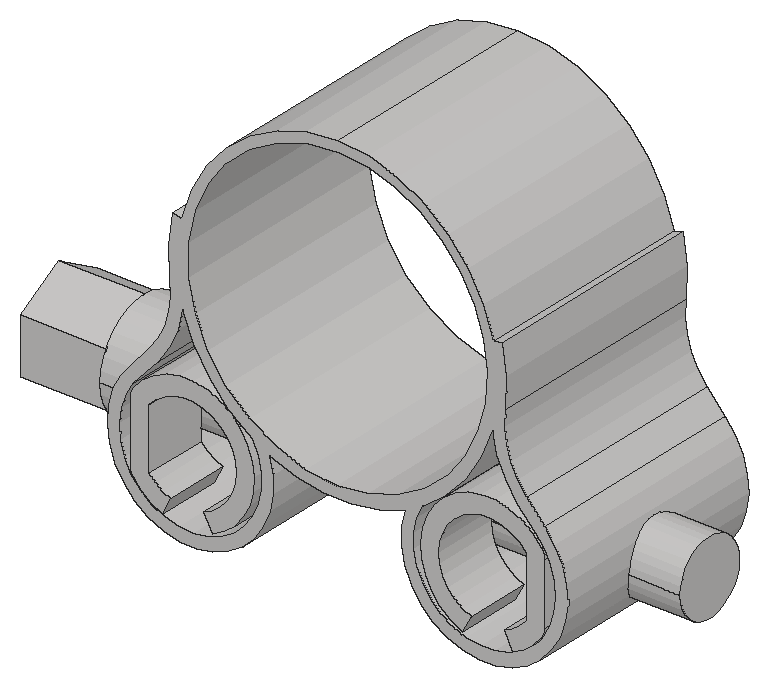
Revit family "FA_ХомутДляСтержняМачты_90536_EZETEK", category Системы пожарной сигнализации, Revit 2017
Family settings
  Сохранять ориентацию аннотаций = Нет
  Размер круглого соединителя = Использовать радиус
  Тип детали = Нормальный
  На основе рабочей плоскости = Нет
  Всегда вертикально = Да
  При загрузке вырезать с полостями = Нет
  Общий = Да
  Точка расчета площади = Нет
Parameters (values of type "ХомутДляСтержняМачты_90536")
  Угол = 90.00°  # constant formula
  Производитель_Контакты = "ezetek@ezetek.ru"  # constant formula
  Описание = "Хомуты используются для соединения молниеприемника с прутком, либо мачты с прутком."  # constant formula
  Использовать масштаб аннотаций [instance] = 1 = 0  # 0
  Изготовитель = "Ezetek"  # constant formula
  Группа модели = "Хомуты"  # constant formula
  URL = "https://ezetek.ru/"
  ADSK_Этаж [instance] = ""
  ADSK_Размер_Радиус [instance] = 12 mm
  ADSK_Размер_Диаметр [instance] = ADSK_Размер_Радиус * 2  # 24 mm
  ADSK_Примечание [instance] = ""
  ADSK_Позиция [instance] = ""
  ADSK_Обозначение = "90536"
  ADSK_Наименование краткое [instance] = "Хомут для стержня"
  ADSK_Наименование = "Хомут для стержня 17-19 мм, нерж"
  ADSK_Материал = BIMLIB_Сталь_Нержавеющая_EZETEK
  ADSK_Масса_Текст = "0.04"  # constant formula
  ADSK_Масса = 0.04  # constant formula
  ADSK_Марка = "90536"
  ADSK_Количество = 1  # constant formula
  ADSK_Код изделия = "90536"
  ADSK_Завод-изготовитель = "Ezetek"  # constant formula
  ADSK_Единица измерения = "шт."  # constant formula
  ADSK_Группирование [instance] = ""
  ADSK_Версия Revit = "2017"  # constant formula
Reference planes
  plane 1 "По центру (Вперед/Назад)": y = 0
  plane 2: z = 0
  plane 3 "По центру (Влево/Вправо)": x = 0
  plane 4: y = 9.175
  plane 5: y = -9.175
  plane 6: y = 10.199
  plane 7: y = -10.199
  plane 8: z = -20.862
  plane 9: z = -14.862
  plane 10: x = -12
  plane 11: x = 12
Forms (mm)
  Extrusion 1, solid, material "BIMLIB_Сталь_Нержавеющая_EZETEK" <- "ADSK_Материал", detail levels fine
    sketch origin (-77.507, 0, 4.715) x (1, 0, 0) y (0, 0, 1)
      loop
        line (64.818, -1.889) -> (64.037, -1.715)
        arc (64.037, -1.715) -> (63.719, -4.145) -> (63.835, -6.592) r 13.8
        arc (63.835, -6.592) -> (63.6, -9.648) -> (62.121, -12.333) r 7.239
        line (62.121, -12.333) -> (60.664, -14.004)
        arc (60.664, -14.004) -> (63.929, -25.392) -> (71.983, -16.704) r 6.8
        arc (71.983, -16.704) -> (77.507, -17.915) -> (83.031, -16.704) r 13.2
        arc (83.031, -16.704) -> (91.085, -25.392) -> (94.35, -14.004) r 6.8
        line (94.35, -14.004) -> (92.893, -12.333)
        arc (92.893, -12.333) -> (91.414, -9.648) -> (91.179, -6.592) r 7.239
        arc (91.179, -6.592) -> (91.295, -4.145) -> (90.977, -1.715) r 13.8
        line (90.977, -1.715) -> (90.196, -1.889)
        arc (90.196, -1.889) -> (85.639, 5.427) -> (77.507, 8.285) r 13
        arc (77.507, 8.285) -> (69.375, 5.427) -> (64.818, -1.889) r 13
      loop
        arc (86.518, -12.94) -> (88.669, 0.209) -> (77.507, 7.485) r 12.2
        arc (77.507, 7.485) -> (66.345, -9.64) -> (86.518, -12.94) r 12.2
      loop
        arc (64.854, -8.474) -> (64.21, -10.883) -> (62.875, -12.99) r 8.239
        line (62.875, -12.99) -> (60.892, -15.265)
        arc (60.892, -15.265) -> (65.101, -24.563) -> (70.568, -15.944) r 5.8
        arc (70.568, -15.944) -> (67.023, -12.735) -> (64.854, -8.474) r 13.2
      loop
        line (93.617, -14.685) -> (92.14, -12.99)
        arc (92.14, -12.99) -> (90.804, -10.883) -> (90.161, -8.474) r 8.239
        arc (90.161, -8.474) -> (87.991, -12.735) -> (84.446, -15.944) r 13.2
        arc (84.446, -15.944) -> (90.296, -24.524) -> (93.617, -14.685) r 5.8
    from 9.175 to -9.175
  Extrusion 2, solid, material "BIMLIB_Сталь_Нержавеющая_EZETEK" <- "ADSK_Материал", detail levels fine
    sketch origin (0, 0, 6.138) x (0, 1, 0) y (0, 0, 1)
      loop
        line (-3.897, -18.75) -> (-3.897, -23.25) -> (0, -25.5) -> (3.897, -23.25) -> (3.897, -18.75) -> (0, -16.5) -> (-3.897, -18.75)
    from -23.122 to -30.122
  Extrusion 3, solid, material "BIMLIB_Сталь_Нержавеющая_EZETEK" <- "ADSK_Материал", detail levels fine
    sketch origin (0, 0, 6.138) x (0, 1, 0) y (0, 0, 1)
      loop
        circle (0, -21) r 4.5
    from -19.122 to -23.122
  Extrusion 4, solid, material "BIMLIB_Сталь_Нержавеющая_EZETEK" <- "ADSK_Материал", detail levels fine
    sketch origin (0, 0, 6.138) x (0, 1, 0) y (0, 0, 1)
      loop
        circle (0, -21) r 3
    from 22.977 to -19.122
  Extrusion 5, solid, material "BIMLIB_Сталь_Нержавеющая_EZETEK" <- "ADSK_Материал", detail levels fine
    sketch origin (0, 0, 0) x (1, 0, 0) y (0, 0, 1)
      loop
        line (-15.385, -16.686) -> (-15.385, -11.686)
        arc (-15.385, -11.686) -> (-9.008, -11.861) -> (-10.911, -17.951) r 4
        line (-10.911, -17.951) -> (-10.222, -19.294)
        arc (-10.222, -19.294) -> (-7.9, -10.837) -> (-16.67, -10.896) r 5.5
        arc (-16.67, -10.896) -> (-16.824, -11.274) -> (-16.885, -11.678) r 1.731
        line (-16.885, -11.678) -> (-16.885, -16.694)
        arc (-16.885, -16.694) -> (-16.824, -17.098) -> (-16.67, -17.477) r 1.731
        arc (-16.67, -17.477) -> (-15.612, -18.549) -> (-14.304, -19.294) r 5.5
        line (-14.304, -19.294) -> (-13.615, -17.951)
        arc (-13.615, -17.951) -> (-14.588, -17.441) -> (-15.385, -16.686) r 4
      loop
        arc (15.385, -16.686) -> (14.588, -17.441) -> (13.615, -17.951) r 4
        line (13.615, -17.951) -> (14.304, -19.294)
        arc (14.304, -19.294) -> (15.612, -18.549) -> (16.67, -17.477) r 5.5
        arc (16.67, -17.477) -> (16.824, -17.098) -> (16.885, -16.694) r 1.731
        line (16.885, -16.694) -> (16.885, -11.678)
        arc (16.885, -11.678) -> (16.824, -11.274) -> (16.67, -10.896) r 1.731
        arc (16.67, -10.896) -> (7.9, -10.837) -> (10.222, -19.294) r 5.5
        line (10.222, -19.294) -> (10.911, -17.951)
        arc (10.911, -17.951) -> (9.008, -11.861) -> (15.385, -11.686) r 4
        line (15.385, -11.686) -> (15.385, -16.686)
    from 9.175 to 3.897
  Extrusion 6, solid, material "BIMLIB_Сталь_Нержавеющая_EZETEK" <- "ADSK_Материал", detail levels fine
    sketch origin (0, 0, 0) x (1, 0, 0) y (0, 0, -1)
      loop
        arc (-15.385, 16.686) -> (-14.588, 17.441) -> (-13.615, 17.951) r 4
        line (-13.615, 17.951) -> (-14.304, 19.294)
        arc (-14.304, 19.294) -> (-15.612, 18.549) -> (-16.67, 17.477) r 5.5
        arc (-16.67, 17.477) -> (-16.824, 17.098) -> (-16.885, 16.694) r 1.731
        line (-16.885, 16.694) -> (-16.885, 11.678)
        arc (-16.885, 11.678) -> (-16.824, 11.274) -> (-16.67, 10.896) r 1.731
        arc (-16.67, 10.896) -> (-7.9, 10.837) -> (-10.222, 19.294) r 5.5
        line (-10.222, 19.294) -> (-10.911, 17.951)
        arc (-10.911, 17.951) -> (-9.008, 11.861) -> (-15.385, 11.686) r 4
        line (-15.385, 11.686) -> (-15.385, 16.686)
      loop
        line (15.385, 16.686) -> (15.385, 11.686)
        arc (15.385, 11.686) -> (9.008, 11.861) -> (10.911, 17.951) r 4
        line (10.911, 17.951) -> (10.222, 19.294)
        arc (10.222, 19.294) -> (7.9, 10.837) -> (16.67, 10.896) r 5.5
        arc (16.67, 10.896) -> (16.824, 11.274) -> (16.885, 11.678) r 1.731
        line (16.885, 11.678) -> (16.885, 16.694)
        arc (16.885, 16.694) -> (16.824, 17.098) -> (16.67, 17.477) r 1.731
        arc (16.67, 17.477) -> (15.612, 18.549) -> (14.304, 19.294) r 5.5
        line (14.304, 19.294) -> (13.615, 17.951)
        arc (13.615, 17.951) -> (14.588, 17.441) -> (15.385, 16.686) r 4
    from 9.175 to 3.897
Cuts and joins
  joined: Extrusion 1, Extrusion 3, Extrusion 4
Dimensions and locks
  equal spacing: plane 4, plane 1 "По центру (Вперед/Назад)", plane 5
  locked: plane 4 to plane 5 at 18.35
  locked: plane 7 to plane 5 at 1.024
  locked: plane 6 to plane 4 at 1.024
  locked: plane 9 to plane 8 at 6
  locked: plane 11 to plane 10 at 24
  equal spacing: plane 11, plane 3 "По центру (Влево/Вправо)", plane 10
  radius of cut or joined group of Extrusion 1, Extrusion 3, Extrusion 4 = 12.2 mm
  aligned and locked: level to plane 2
  aligned and locked: plane 5 to Extrusion 1
  aligned and locked: plane 4 to Extrusion 1
  aligned and locked: plane 5 to Extrusion 5
  aligned and locked: plane 4 to Extrusion 6
Automatic sketch dimensions
  Extrusion 1 sketch curve to Extrusion 1 sketch curve = 0 mm  (x80)
  Extrusion 1 sketch curve to plane 10 = 0 mm
  Extrusion 1 sketch curve to level = 0 mm
  Extrusion 1 sketch curve to plane 3 "По центру (Влево/Вправо)" = 0 mm
  Extrusion 1 sketch curve to plane 11 = 0 mm
  Extrusion 1 sketch curve to plane 10 = 0.689 mm
  Extrusion 1 sketch curve to Extrusion 1 sketch curve = 0.781 mm  (x2)
  Extrusion 1 sketch curve to plane 10 = 2.632 mm
  Extrusion 1 sketch curve to Extrusion 1 sketch curve = 0.754 mm  (x2)
  Extrusion 1 sketch curve to Extrusion 1 sketch curve = 1.983 mm
  Extrusion 1 sketch curve to Extrusion 1 sketch curve = 0.227 mm
  Extrusion 1 sketch curve to level = 2.861 mm  (x2)
  Extrusion 1 sketch curve to Extrusion 1 sketch curve = 5.457 mm  (x2)
  plane 11 to Extrusion 1 sketch curve = 0.689 mm
  plane 11 to Extrusion 1 sketch curve = 2.632 mm
  Extrusion 1 sketch curve to Extrusion 1 sketch curve = 1.477 mm
  Extrusion 1 sketch curve to Extrusion 1 sketch curve = 0.733 mm
  Extrusion 1 sketch curve to Extrusion 1 sketch curve = 4.756 mm  (x2)
  Extrusion 1 sketch curve to Extrusion 1 sketch curve = 0.657 mm  (x2)
  Extrusion 1 sketch curve to Extrusion 1 sketch curve = 1.671 mm  (x2)
  Extrusion 1 sketch curve to Extrusion 1 sketch curve = 0.681 mm
  Extrusion 1 sketch curve to Extrusion 1 sketch curve = 1.261 mm
  Extrusion 1 sketch curve to plane 9 = 0.8 mm  (x2)
  level to Extrusion 1 sketch curve = 2.826 mm
  Extrusion 1 sketch curve to Extrusion 1 sketch curve = 0.174 mm  (x2)
  Extrusion 1 sketch curve to plane 10 = 0.654 mm
  Extrusion 1 sketch curve to Extrusion 1 sketch curve = 1.415 mm  (x2)
  Extrusion 1 sketch curve to plane 11 = 2.989 mm
  Extrusion 1 sketch curve to Extrusion 1 sketch curve = 3.004 mm
  Extrusion 2 sketch curve to plane 1 "По центру (Вперед/Назад)" = 0 mm  (x2)
  plane 1 "По центру (Вперед/Назад)" to Extrusion 2 sketch curve = 3.897 mm
  Extrusion 2 sketch curve to plane 1 "По центру (Вперед/Назад)" = 3.897 mm
  Extrusion 2 sketch curve to plane 8 = 1.5 mm
  plane 9 to Extrusion 2 sketch curve = 2.25 mm  (x2)
  Extrusion 2 sketch curve to plane 9 = 2.25 mm  (x2)
  Extrusion 2 sketch curve to plane 9 = 4.5 mm
  Extrusion 4 sketch curve to plane 1 "По центру (Вперед/Назад)" = 0 mm
  plane 9 to Extrusion 4 sketch curve = 0 mm
  Extrusion 5 sketch curve to Extrusion 5 sketch curve = 0 mm  (x24)
  Extrusion 5 sketch curve to plane 10 = 4.885 mm
  Extrusion 5 sketch curve to Extrusion 5 sketch curve = 1.5 mm  (x2)
  Extrusion 5 sketch curve to Extrusion 5 sketch curve = 0.231 mm  (x3)
  Extrusion 5 sketch curve to plane 10 = 2.304 mm
  Extrusion 5 sketch curve to Extrusion 5 sketch curve = 0.689 mm  (x3)
  Extrusion 5 sketch curve to plane 10 = 0.263 mm
  plane 10 to Extrusion 5 sketch curve = 1.089 mm
  Extrusion 5 sketch curve to plane 11 = 1.778 mm
  Extrusion 5 sketch curve to plane 11 = 1.089 mm
  plane 11 to Extrusion 5 sketch curve = 0.263 mm
  plane 11 to Extrusion 5 sketch curve = 1.615 mm
  Extrusion 5 sketch curve to Extrusion 5 sketch curve = 1.54 mm
  plane 11 to Extrusion 5 sketch curve = 3.155 mm
  Extrusion 5 sketch curve to plane 8 = 1.569 mm  (x4)
  Extrusion 5 sketch curve to Extrusion 5 sketch curve = 1.343 mm  (x4)
  plane 9 to Extrusion 5 sketch curve = 1.832 mm  (x2)
  Extrusion 5 sketch curve to Extrusion 5 sketch curve = 0.008 mm  (x4)
  Extrusion 5 sketch curve to Extrusion 5 sketch curve = 0.047 mm  (x4)
  Extrusion 6 sketch curve to Extrusion 6 sketch curve = 0 mm  (x24)
  Extrusion 6 sketch curve to plane 10 = 4.885 mm
  Extrusion 6 sketch curve to Extrusion 6 sketch curve = 1.5 mm  (x2)
  Extrusion 6 sketch curve to Extrusion 6 sketch curve = 0.231 mm  (x3)
  Extrusion 6 sketch curve to plane 10 = 2.304 mm
  Extrusion 6 sketch curve to Extrusion 6 sketch curve = 0.689 mm  (x3)
  Extrusion 6 sketch curve to plane 10 = 0.263 mm
  plane 10 to Extrusion 6 sketch curve = 1.089 mm
  Extrusion 6 sketch curve to plane 11 = 1.778 mm
  Extrusion 6 sketch curve to plane 11 = 1.089 mm
  plane 11 to Extrusion 6 sketch curve = 0.263 mm
  plane 11 to Extrusion 6 sketch curve = 1.615 mm
  Extrusion 6 sketch curve to Extrusion 6 sketch curve = 1.54 mm
  plane 11 to Extrusion 6 sketch curve = 3.155 mm
  Extrusion 6 sketch curve to plane 9 = 3.184 mm  (x2)
  Extrusion 6 sketch curve to Extrusion 6 sketch curve = 0.008 mm  (x4)
  Extrusion 6 sketch curve to Extrusion 6 sketch curve = 0.047 mm  (x4)
  Extrusion 6 sketch curve to plane 9 = 0.676 mm  (x2)
  plane 9 to Extrusion 6 sketch curve = 1.777 mm  (x2)
  Extrusion 6 sketch curve to Extrusion 6 sketch curve = 1.343 mm  (x4)
  radius of Extrusion 4 sketch curve = 3 mm
